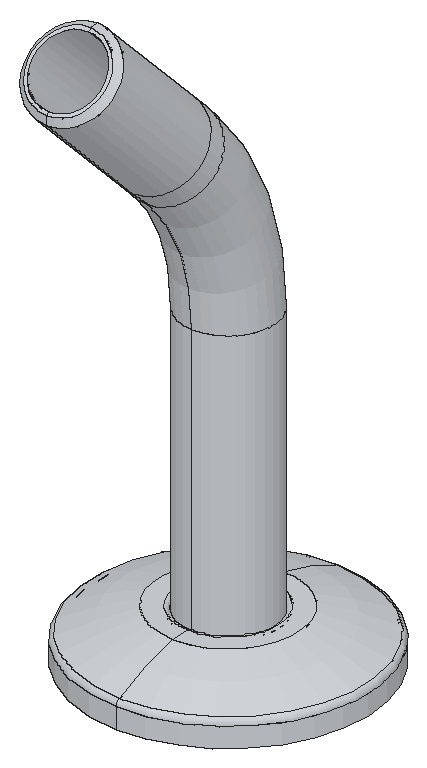
Revit family "Shower-Showerarm-KOHLER-Complementary-K-99054IN_1", category Plumbing Fixtures, host Face, Revit 2017
Family settings
  Host = Face
  Round Connector Dimension = Use Diameter
  Part Type = Normal
  OmniClass Number = 23.31.17.00
  OmniClass Title = Showers
  Cut with Voids When Loaded = No
  Shared = No
  Room Calculation Point = No
Parameters (values of type "CP-Polished Chrome")
  Width = 2 133/256"  # constant formula
  WaterSense Certified = 1 = 0  # no
  Waste Water Outlet = "Waste Water Outlet"  # constant formula
  Waste Connection = 1 = 0  # no
  Vent Connection = 1 = 0  # no
  URL = "https://www.kohler.co.in/"
  Type = 1
  Product Page URL = "https://www.kohler.co.in/product-detail/99054in?skuid=K-99054IN-CP"
  Product Name = "Complementary"  # constant formula
  Product Documentation Link = ""
  Pressure = 0.00 psi
  Panel Thickness = 0"
  Model = if(Type = 1, "K-99054IN-CP", if(Type = 2, "K-99054IN-BN", "NA"))  # "K-99054IN-CP"
  Material = "Premium Metal Construction"  # constant formula
  Master Format 2014 Name = "Residential Showers"  # constant formula
  Master Format 2014 = "22 42 23"  # constant formula
  Manufacturer Address = "Ambience Office Tower NH-8 Gurgaon / Gurugram Haryana , 122001"  # constant formula
  Manufacturer = "KOHLER Co."  # constant formula
  Length = 5 141/256"  # constant formula
  Hot Water Inlet = "Tempered Water Inlet"  # constant formula
  Height = 2 133/256"  # constant formula
  HW Connection = 1 = 1  # yes
  Flow Rate = 0 GPM
  Finish = Kohler-Metal-CP-Polished_Chrome
  Environmental Product Declaration = ""
  Drain Included = 1 = 0  # no
  Description = "Shower arm with escutheon"  # constant formula
  Default Elevation = 72"
  Declare Label = ""
  Date Modified = "05/21/2021"  # constant formula
  Date Created = "05/21/2021"  # constant formula
  Copyright = "Copyright KOHLER Co."  # constant formula
  Contact Us = "https://www.kohler.co.in/contact-us"
  Cold Water Inlet = "Cold Water Inlet"  # constant formula
  CW Connection = 1 = 0  # no
  Assembly Code = "D2010700"
  ADA Compliant = 1 = 0  # no
Types (3): name | Type | Product Page URL | Model | Finish
  (no name) | 1 | "https://www.kohler.co.in/product-detail/99054in?skuid=K-99054IN-CP" | "K-99054IN-CP" | Kohler-Metal-CP-Polished_Chrome
  CP-Polished Chrome | 1 | "https://www.kohler.co.in/product-detail/99054in?skuid=K-99054IN-CP" | "K-99054IN-CP" | Kohler-Metal-CP-Polished_Chrome
  BN-Vibrant Brushed Nickel | 2 | "https://www.kohler.co.in/product-detail/99054in?skuid=K-99054IN-BN" | "K-99054IN-BN" | Kohler-Metal-BN-Vibrant_Brushed_Nickel
Reference planes (in)
  plane 1 "Center (Front/Back)": y = 0
  plane 2: z = 0
  plane 3 "Center (Left/Right)": x = 0
  plane 4: z = 5.78906
  plane 5: y = -1.25984
  plane 6: z = 5.55078
  plane 7: y = 1.25969
  plane 8: y = -2.04875
  plane 9: x = 1.25984
  plane 10: x = -1.25969
  plane 11: z = 0.44488
  plane 12: x = 0.40765
  plane 13: x = -0.40765
Dimensions and locks (in)
  "Width": plane 10 to plane 9
  "Length": level to plane 6
  "Height": plane 5 to plane 7
  aligned and locked: plane 2 to host face
  aligned and locked: level to host face
Automatic sketch dimensions
  host sketch curve to host sketch curve = 96"  (x2)
Nested families (in)
  nested 1: "K-99054IN" at (0, 0, 0), type "K-99054IN"
Connectors (in)
  piping at (0, 0.00018, 0), diameter 0.5, driven by "Flow Rate", driven by "HW Connection", driven by "Hot Water Inlet"
    settings: on nested 1, index 1, connector inside diameter 24", connector length 0", flow factor 0, pipe flow 0 GPM, pressure drop 0.00 psi, fitting loss kfactor 0, connector angle 0.00°, fixture units 0, engagement length 0", angle of deflection 0.00°, flow configuration 0, flow direction 1, fitting loss method 0, system type 19, joint type 0, gender type 0, connector reference index -1, connector utility 1, adjustable connector no, is connector primary yes, connector description "Tempered Water Inlet"
Definition of nested family "K-99054IN"
  Parameters (values of type "K-99054IN")
    Material = none
  Reference planes (in)
    plane 1 "Center (Front/Back)": y = 0
    plane 2: z = 0
    plane 3 "Center (Left/Right)": x = 0
    plane 4: z = 5.7874
    plane 5: z = 5.55118
    plane 6: y = 1.25984
    plane 7: y = -1.25984
    plane 8: x = -1.25984
    plane 9: x = 1.25984
    plane 10: y = -2.04724
  Forms (in)
    Revolve 1, solid, material <- "Material", detail levels medium+fine
      sketch origin (0, 0, 0) x (0, 1, 0) y (0, 0, 1)
        loop
          line (1.25984, 0) -> (1.25984, 0.17879)
          arc (1.25984, 0.17879) -> (1.25032, 0.21173) -> (1.2247, 0.23452) r 0.06175
          arc (1.2247, 0.23452) -> (0.93053, 0.35591) -> (0.625, 0.44488) r 2.94816
          line (0.625, 0.44488) -> (0.4517, 0.44488)
          arc (0.4517, 0.44488) -> (0.42546, 0.43468) -> (0.413, 0.40942) r 0.03885
          line (0.413, 0.40942) -> (0.39827, 0.24103) -> (0.42951, 0.24103) -> (0.443, 0.39526)
          arc (0.443, 0.39526) -> (0.45405, 0.41765) -> (0.47732, 0.4267) r 0.03444
          line (0.47732, 0.4267) -> (0.6345, 0.4267)
          arc (0.6345, 0.4267) -> (0.91197, 0.34245) -> (1.17816, 0.22743) r 2.56655
          arc (1.17816, 0.22743) -> (1.21402, 0.19463) -> (1.22729, 0.14787) r 0.08898
          line (1.22729, 0.14787) -> (1.22729, 0) -> (1.25984, 0)
        axis (0, 0) -> (0, 0.44488)
      angle from 0 to 360
    Revolve 2, solid, material <- "Material", detail levels medium+fine
      sketch origin (0, 0, 0) x (0, 1, 0) y (0, 0, 1)
        loop
          line (-1.5496, 5.7829) -> (-1.57135, 5.76115) -> (-0.55732, 4.74711) -> (-0.4959, 4.80854) -> (-1.47025, 5.7829) -> (-1.5496, 5.7829)
        axis (-0.78306, 4.52138) -> (-1.79709, 5.53541)
      angle from 0 to 360
    Sweep 3, solid, material <- "Material", detail levels medium+fine
      path origin (0, 0, 0) x (0, 1, 0) y (0, 0, 1)
        loop
          line (0.40629, 0) -> (0.40629, 2.84636)
          arc (0.40629, 2.84636) -> (0.21149, 3.82567) -> (-0.34324, 4.65588) r 2.55906
          line (-0.34324, 4.65588) -> (-0.4959, 4.80854)
      profile origin (0, -0.4959, 4.80854) x (0, -0.707107, -0.707107) y (1, 0, 0)
        loop
          circle (0.40611, 0) r 0.40611
        loop
          circle (0.40611, 0) r 0.31924
    Revolve 4, solid, material <- "Material", detail levels coarse
      sketch origin (0, 0, 0) x (1, 0, 0) y (0, 0, 1)
        loop
          line (0, 0) -> (0, 0.45921) -> (-1.25984, 0.45921) -> (-1.25984, 0) -> (0, 0)
        axis (0, 0.45921) -> (0, 0)
      angle from 0 to 360
    Sweep 5, solid, material <- "Material", detail levels coarse
      path origin (0, 0, 0) x (0, 1, 0) y (0, 0, 1)
        loop
          line (0, 0.24103) -> (0, 3.00448)
          arc (0, 3.00448) -> (-0.13486, 3.68246) -> (-0.51891, 4.25722) r 1.77165
          line (-0.51891, 4.25722) -> (-1.79709, 5.53541)
      profile origin (0, -1.79709, 5.53541) x (0, 0.707107, 0.707107) y (1, 0, 0)
        loop
          circle (0, 0) r 0.43307
  Cuts and joins
    joined: Revolve 2, Sweep 3
    joined: Revolve 4, Sweep 5
  Lines and regions (in)
    Masking region 1
      outline origin (0, 0, 0) x (0, 1, 0) y (0, 0, 1)
        loop
          line (1.25984, 0) -> (1.25984, 0.17925)
          arc (1.25984, 0.17925) -> (1.24944, 0.21466) -> (1.22154, 0.23881) r 0.06546
          arc (1.22154, 0.23881) -> (0.92817, 0.35603) -> (0.625, 0.44488) r 3.32433
          line (0.625, 0.44488) -> (0.40765, 0.44488) -> (0.40765, 2.87349)
          arc (0.40765, 2.87349) -> (0.21809, 3.82647) -> (-0.32173, 4.63437) r 2.49026
          line (-0.32173, 4.63437) -> (-1.47025, 5.7829) -> (-1.5496, 5.7829) -> (-2.04458, 5.28792) -> (-2.04458, 5.20857) -> (-0.91466, 4.07866)
          arc (-0.91466, 4.07866) -> (-0.53942, 3.51707) -> (-0.40765, 2.85462) r 1.73106
          line (-0.40765, 2.85462) -> (-0.40765, 0.44488) -> (-0.625, 0.44488)
          arc (-0.625, 0.44488) -> (-0.92817, 0.35603) -> (-1.22154, 0.23881) r 3.32433
          arc (-1.22154, 0.23881) -> (-1.24944, 0.21466) -> (-1.25984, 0.17925) r 0.06546
          line (-1.25984, 0.17925) -> (-1.25984, 0) -> (1.25984, 0)
    Masking region 2
      outline origin (0, 0, 0) x (1, 0, 0) y (0, 0, 1)
        loop
          line (1.25984, 0) -> (1.25984, 0.17925)
          arc (1.25984, 0.17925) -> (1.24944, 0.21466) -> (1.22154, 0.23881) r 0.06546
          arc (1.22154, 0.23881) -> (0.92817, 0.35603) -> (0.625, 0.44488) r 3.32433
          line (0.625, 0.44488) -> (0.40765, 0.44488) -> (0.40765, 5.49574)
          spline (0.40765, 5.49574) -> (0.39227, 5.57006) -> (0.3517, 5.63932) -> (0.28716, 5.69879) -> (0.20305, 5.74442) -> (0.10511, 5.77311) -> (0, 5.7829) -> (-0.10511, 5.77311) -> (-0.20305, 5.74442) -> (-0.28716, 5.69879) -> (-0.3517, 5.63932) -> (-0.39227, 5.57006) -> (-0.40611, 5.49574)
          line (-0.40611, 5.49574) -> (-0.40765, 0.44488) -> (-0.625, 0.44488)
          arc (-0.625, 0.44488) -> (-0.92817, 0.35603) -> (-1.22154, 0.23881) r 3.32433
          arc (-1.22154, 0.23881) -> (-1.24944, 0.21466) -> (-1.25984, 0.17925) r 0.06546
          line (-1.25984, 0.17925) -> (-1.25984, 0) -> (1.25984, 0)
    Masking region 3
      outline origin (0, 0, 0) x (1, 0, 0) y (0, 1, 0)
        loop
          arc (0, 1.25984) -> (-1.24292, 0.20582) -> (-0.40611, -1.19259) r 1.25984
          line (-0.40611, -1.19259) -> (-0.40611, -1.75742)
          spline (-0.40611, -1.75742) -> (-0.39227, -1.83174) -> (-0.3517, -1.901) -> (-0.28716, -1.96047) -> (-0.20305, -2.00611) -> (-0.10511, -2.03479) -> (0, -2.04458) -> (0.10511, -2.03479) -> (0.20305, -2.00611) -> (0.28716, -1.96047) -> (0.3517, -1.901) -> (0.39227, -1.83174) -> (0.40611, -1.75742)
          line (0.40611, -1.75742) -> (0.40611, -1.19259)
          arc (0.40611, -1.19259) -> (1.24292, 0.20582) -> (0, 1.25984) r 1.25984
    symbolic lines, detail levels medium+fine
      curve 1: line (0, -1.47025, 5.7829) -> (0, -2.04458, 5.20857)
      curve 2: line (0, 0.40765, 0.44488) -> (0, -0.40765, 0.44488)
      curve 3: line (0, 1.22154, 0.23881) -> (0, -1.22154, 0.23881)
      curve 4: line (0, 1.25984, 0.17925) -> (0, -1.25984, 0.17925)
      curve 5: line (0.40765, 0, 0.44488) -> (-0.40765, 0, 0.44488)
      curve 6: line (1.22154, 0, 0.23881) -> (-1.22154, 0, 0.23881)
      curve 7: line (1.25984, 0, 0.17925) -> (-1.25984, 0, 0.17925)
      curve 8: spline (0.40611, -1.75742, 0) -> (0.39227, -1.68309, 0) -> (0.3517, -1.61384, 0) -> (0.28716, -1.55436, 0) -> (0.20305, -1.50873, 0) -> (0.10511, -1.48004, 0) -> (0, -1.47025, 0) -> (-0.10511, -1.48004, 0) -> (-0.20305, -1.50873, 0) -> (-0.28716, -1.55436, 0) -> (-0.3517, -1.61384, 0) -> (-0.39227, -1.68309, 0) -> (-0.40611, -1.75742, 0)
      curve 9: spline (0, -2.04458, 0) -> (-0.09059, -2.03614, 0) -> (-0.175, -2.01142, 0) -> (-0.24749, -1.97209, 0) -> (-0.30311, -1.92083, 0) -> (-0.33807, -1.86114, 0) -> (-0.35, -1.79709, 0) -> (-0.33807, -1.73304, 0) -> (-0.30311, -1.67335, 0) -> (-0.24749, -1.62209, 0) -> (-0.175, -1.58276, 0) -> (-0.09059, -1.55804, 0) -> (0, -1.5496, 0)
      curve 10: spline (0, -1.5496, 0) -> (0.09059, -1.55804, 0) -> (0.175, -1.58276, 0) -> (0.24749, -1.62209, 0) -> (0.30311, -1.67335, 0) -> (0.33807, -1.73304, 0) -> (0.35, -1.79709, 0) -> (0.33807, -1.86114, 0) -> (0.30311, -1.92083, 0) -> (0.24749, -1.97209, 0) -> (0.175, -2.01142, 0) -> (0.09059, -2.03614, 0) -> (0, -2.04458, 0)
      curve 11: spline (0, -1.57135, 0) -> (0.08263, -1.57904, 0) -> (0.15962, -1.6016, 0) -> (0.22574, -1.63747, 0) -> (0.27647, -1.68422, 0) -> (0.30836, -1.73866, 0) -> (0.31924, -1.79709, 0) -> (0.30836, -1.85552, 0) -> (0.27647, -1.90996, 0) -> (0.22574, -1.95671, 0) -> (0.15962, -1.99258, 0) -> (0.08263, -2.01514, 0) -> (0, -2.02283, 0)
      curve 12: spline (0, -2.02283, 0) -> (-0.08263, -2.01514, 0) -> (-0.15962, -1.99258, 0) -> (-0.22574, -1.95671, 0) -> (-0.27647, -1.90996, 0) -> (-0.30836, -1.85552, 0) -> (-0.31924, -1.79709, 0) -> (-0.30836, -1.73866, 0) -> (-0.27647, -1.68422, 0) -> (-0.22574, -1.63747, 0) -> (-0.15962, -1.6016, 0) -> (-0.08263, -1.57904, 0) -> (0, -1.57135, 0)
      curve 13: arc (-0.40611, -0.47508, 0) -> (0, 0.625, 0) -> (0.40611, -0.47508, 0) r 0.625
      curve 14: arc (-0.40611, 0.00018, 0) -> (0, 0.40629, 0) -> (0.40611, 0.00018, 0) r 0.40611
      curve 15: arc (-0.40611, -0.18915, 0) -> (0, 0.448, 0) -> (0.40611, -0.18915, 0) r 0.448
      curve 16: line (-0.40611, -1.19259, 0) -> (-0.40611, 0.00018, 0)
      curve 17: line (0.40611, -1.19259, 0) -> (0.40611, 0.00018, 0)
      curve 18: arc (-0.40611, -0.69544, 0) -> (0, -0.47047, 0) -> (0.40611, -0.69544, 0) r 0.47903
      curve 19: line (0, -0.91466, 4.07866) -> (0, -0.34044, 4.65289)
      curve 20: line (0, -0.40765, 2.85462) -> (0, 0.40765, 2.87349)
  Dimensions and locks (in)
    plane 4 to level = 5.7874"
    plane 5 to level = 5.55118"
    plane 6 to plane 7 = 2.51969"
    plane 8 to plane 9 = 2.51969"
    plane 6 to plane 10 = 3.30709"
    aligned and locked: plane 2 to level
